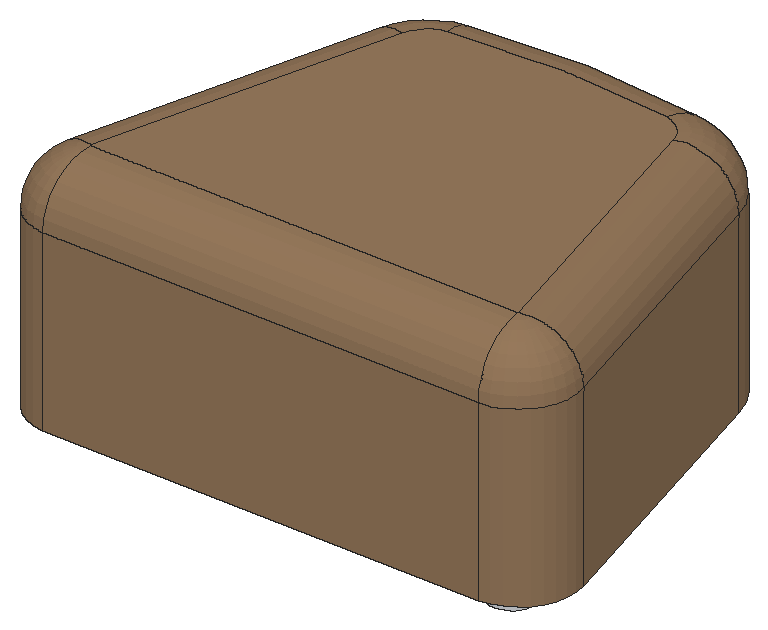
Revit family "FU_Modular_Sandler_Flow 06058", category Furniture, Revit 2022
Family settings
  OmniClass Number = 23.40.20.00
  OmniClass Title = General Furniture and Specialties
  Work Plane-Based = No
  Always vertical = Yes
  Cut with Voids When Loaded = No
  Render Appearance Source = Family Geometry
  Shared = No
  Room Calculation Point = No
Parameters (values of type "Flow 06058")
  Width = 960 mm
  URL = "https://www.sandlerseating.com/product/flow-06058/"
  Shell [instance] = Fabric - X2 - Percentage AK016
  Model = "Flow 06058"
  Manufacturer = "Sandler"
  Height = 450 mm
  Description = "Modular seat with irregular trapezoidal shape in the Flow series. No backrest, webbed seat."
  Depth = 780 mm
  Default Elevation = 0 mm
Reference planes
  plane 1 "Center (Front/Back)": y = 0
  plane 2: z = 0
  plane 3 "Center (Left/Right)": x = 0
  plane 4 "Right": x = -480
  plane 5 "Left": x = 480
  plane 6 "Back": y = 390
  plane 7 "Front": y = -390
  plane 8 "Height": z = 450
  plane 9 "Seat Base": z = 50
Forms (mm)
  Extrusion 1, solid
    sketch origin (0, 0, 0) x (1, 0, 0) y (0, 1, 0)
      loop
        circle (-211.237, 240.751) r 40
      loop
        circle (211.164, 240.751) r 40
      loop
        circle (346.708, -256.992) r 39.996
      loop
        circle (-346.78, -256.992) r 39.999
    from 0 to 50
  Extrusion 2, solid, material "Fabric - X2 - Percentage AK016" <- "Shell"
    sketch origin (0, 0, 0) x (1, 0, 0) y (0, 1, 0)
      loop
        arc (-459.828, -246.019) -> (-445.44, -326.366) -> (-374.418, -366.597) r 96
        arc (-374.418, -366.597) -> (0.007, -380.767) -> (374.414, -366.126) r 4872.797
        arc (374.414, -366.126) -> (445.351, -325.855) -> (459.704, -245.557) r 96
        line (459.704, -245.557) -> (325.303, 255.806)
        arc (325.303, 255.806) -> (279.824, 329.521) -> (201.318, 366.117) r 151
        arc (201.318, 366.117) -> (-0.374, 380.767) -> (-202.057, 366) r 1390.094
        arc (-202.057, 366) -> (-279.989, 329.63) -> (-325.136, 256.433) r 150
        line (-325.136, 256.433) -> (-459.828, -246.019)
    from 50 to 450
  Sweep 3, void
    path in 3D
      loop
        arc (-459.828, -246.019, 450) -> (-445.44, -326.366, 450) -> (-374.418, -366.597, 450) r 96
        arc (-374.418, -366.597, 450) -> (0.007, -380.767, 450) -> (374.414, -366.126, 450) r 4872.797
        arc (374.414, -366.126, 450) -> (445.351, -325.855, 450) -> (459.704, -245.557, 450) r 96
        line (459.704, -245.557, 450) -> (325.303, 255.806, 450)
        arc (325.303, 255.806, 450) -> (279.824, 329.521, 450) -> (201.318, 366.117, 450) r 151
        arc (201.318, 366.117, 450) -> (-0.374, 380.767, 450) -> (-202.057, 366, 450) r 1390.094
        arc (-202.057, 366, 450) -> (-279.989, 329.63, 450) -> (-325.136, 256.433, 450) r 150
        line (-325.136, 256.433, 450) -> (-459.828, -246.019, 450)
    profile "Pro_edgeCut_95mm : Pro_edgeCut_95mm" origin (-392.482, 5.207, 450) x (0.965897, -0.258928, 0) y (0, 0, 1)
      loop
        line (95, 0) -> (95, 48) -> (-48, 48) -> (-48, -95) -> (0, -95)
        arc (0, -95) -> (27.825, -27.825) -> (95, 0) r 95
Cuts and joins
  Sweep 3 cuts Extrusion 2
Lines and regions (mm)
  sketch lines
    curve 1: line (-325.136, 256.433, 450) -> (-459.828, -246.019, 450)
    curve 2: arc (-374.418, -366.597, 450) -> (-445.44, -326.366, 450) -> (-459.828, -246.019, 450) r 96
    curve 3: arc (374.414, -366.126, 450) -> (0.007, -380.767, 450) -> (-374.418, -366.597, 450) r 4872.797
    curve 4: arc (459.704, -245.557, 450) -> (445.351, -325.855, 450) -> (374.414, -366.126, 450) r 96
    curve 5: line (459.704, -245.557, 450) -> (325.303, 255.806, 450)
    curve 6: arc (201.318, 366.117, 450) -> (279.824, 329.521, 450) -> (325.303, 255.806, 450) r 151
    curve 7: arc (-202.057, 366, 450) -> (-0.374, 380.767, 450) -> (201.318, 366.117, 450) r 1390.094
    curve 8: arc (-325.136, 256.433, 450) -> (-279.989, 329.63, 450) -> (-202.057, 366, 450) r 150
Dimensions and locks
  equal spacing: plane 6 "Back", plane 1 "Center (Front/Back)", plane 7 "Front"
  "Depth": plane 6 "Back" to plane 7 "Front"
  equal spacing: plane 4 "Right", plane 3 "Center (Left/Right)", plane 5 "Left"
  "Width": plane 4 "Right" to plane 5 "Left"
  "Height": plane 8 "Height" to level
  aligned and locked: level to plane 2
Automatic sketch dimensions
  plane 4 "Right" to Extrusion 1 sketch curve = 133.22 mm
  Extrusion 1 sketch curve to plane 3 "Center (Left/Right)" = 211.237 mm
  plane 3 "Center (Left/Right)" to Extrusion 1 sketch curve = 211.164 mm
  Extrusion 1 sketch curve to plane 5 "Left" = 133.292 mm
  plane 7 "Front" to Extrusion 1 sketch curve = 133.008 mm  (x2)
  Extrusion 1 sketch curve to plane 6 "Back" = 149.249 mm  (x2)
  plane 4 "Right" to Extrusion 2 sketch curve = 20.172 mm
  Extrusion 2 sketch curve to Extrusion 2 sketch curve = 92.726 mm
  plane 4 "Right" to Extrusion 2 sketch curve = 154.864 mm
  Extrusion 2 sketch curve to Extrusion 2 sketch curve = 144.885 mm
  Extrusion 2 sketch curve to plane 3 "Center (Left/Right)" = 3.059 mm
  plane 3 "Center (Left/Right)" to Extrusion 2 sketch curve = 0.029 mm
  plane 3 "Center (Left/Right)" to Extrusion 2 sketch curve = 179.453 mm
  Extrusion 2 sketch curve to plane 5 "Left" = 154.697 mm
  Extrusion 2 sketch curve to plane 5 "Left" = 113.022 mm
  Extrusion 2 sketch curve to plane 5 "Left" = 20.296 mm
  Extrusion 2 sketch curve to plane 7 "Front" = 619.326 mm
  plane 7 "Front" to Extrusion 2 sketch curve = 119.124 mm
  plane 7 "Front" to Extrusion 2 sketch curve = 119.586 mm
  Extrusion 2 sketch curve to Extrusion 2 sketch curve = 24.857 mm  (x2)
  Extrusion 2 sketch curve to plane 6 "Back" = 173.292 mm
  Extrusion 2 sketch curve to plane 6 "Back" = 172.407 mm
  Extrusion 2 sketch curve to plane 6 "Back" = 134.194 mm
  Extrusion 2 sketch curve to plane 6 "Back" = 133.567 mm
  plane 6 "Back" to Extrusion 2 sketch curve = 4102.029 mm
  Extrusion 2 sketch curve to Extrusion 2 sketch curve = 0 mm  (x2)
  radius of Extrusion 1 sketch curve = 40 mm  (x2)
  radius of Extrusion 1 sketch curve = 39.996 mm
  radius of Extrusion 1 sketch curve = 39.999 mm
